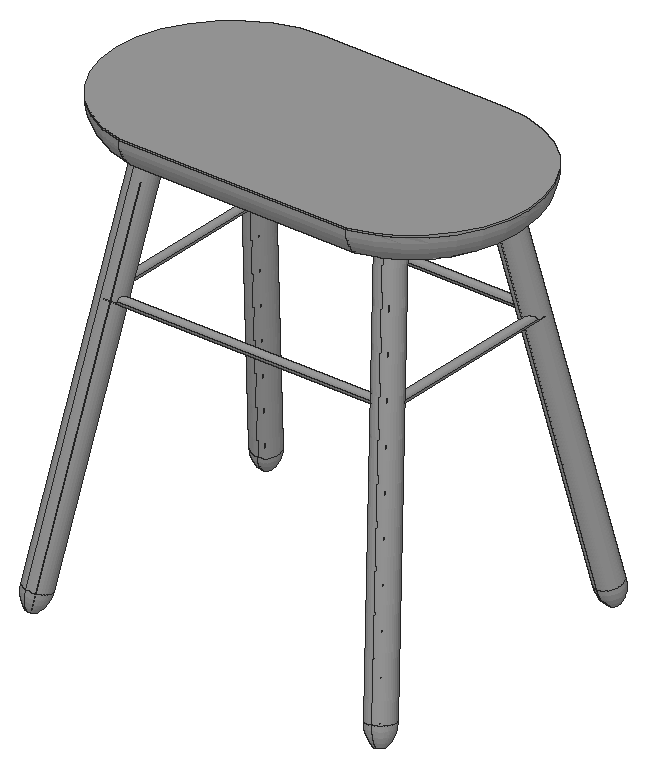
Revit family "Sit Stool", category Generic Models, Revit 2021
Family settings
  Can host rebar = No
  Round Connector Dimension = Use Diameter
  Part Type = Normal
  Work Plane-Based = No
  Always vertical = Yes
  Cut with Voids When Loaded = No
  Shared = No
  Room Calculation Point = No
Parameters
  Default Elevation = 0 mm
Reference planes
  plane 1 "Center (Front/Back)": y = 0
  plane 2: z = 0
  plane 3 "Center (Left/Right)": x = 0
Forms (mm)
  Extrusion 1, solid, material "VICTORIAN ASH"
    sketch origin (0, 0, 0) x (1, 0, 0) y (0, 1, 0)
      loop
        line (97.5, 122.5) -> (-97.5, 122.5)
        arc (-97.5, 122.5) -> (-220.623, 11.187) -> (-122.249, -122.5) r 123.75
        line (-122.249, -122.5) -> (122.249, -122.5)
        arc (122.249, -122.5) -> (220.623, 11.187) -> (97.5, 122.5) r 123.75
    from 425.904 to 460
  Extrusion 2, solid, material "GREY POWER COAT FRAME"
    sketch origin (0, 0, 0) x (1, 0, 0) y (0, 1, 0)
      loop
        line (97.179, 59.905) -> (-97.179, 59.905)
        arc (-97.179, 59.905) -> (-157.552, 6.619) -> (-112.179, -59.905) r 60.844
        line (-112.179, -59.905) -> (112.179, -59.905)
        arc (112.179, -59.905) -> (157.552, 6.619) -> (97.179, 59.905) r 60.844
      loop
        arc (-101.474, 92.552) -> (-194.515, 8.596) -> (-120.526, -92.552) r 93.533
        line (-120.526, -92.552) -> (120.526, -92.552)
        arc (120.526, -92.552) -> (194.515, 8.596) -> (101.474, 92.552) r 93.533
        line (101.474, 92.552) -> (-101.474, 92.552)
    from 421.695 to 425.904
  Revolve 3, solid, material "STEEL FRAME", not visible
    sketch origin (206.891, -6.261, 8.945) x (0.034899, 0.999391, 0) y (-0.121795, 0.004253, 0.992546)
      loop
        line (70, 617.876) -> (228.614, 1.068) -> (235.143, 2.747)
        arc (235.143, 2.747) -> (238.079, 14.243) -> (237.184, 26.074) r 36.616
        line (237.184, 26.074) -> (85, 617.876) -> (70, 617.876)
      axis (70, 617.876) -> (228.614, 1.068)
    angle from 0 to 360
  Extrusion 4, solid, material "GREY POWER COAT FRAME"
    sketch origin (-7.5, 0, -128.75) x (1, 0, 0) y (0, 0, 1)
      loop
        circle (-146.568, 419.937) r 4.5
    from -101.121 to 98.802
  Extrusion 5, solid, material "GREY POWER COAT FRAME"
    sketch origin (0, -15, -125) x (0, 1, 0) y (0, 0, 1)
      loop
        circle (117.5, 416.187) r 4.5
    from -152.592 to 149.206
  Sweep 6, void
    path in 3D
      loop
        arc (122.249, -122.5, 460) -> (220.623, 11.187, 460) -> (97.5, 122.5, 460) r 123.75
        line (97.5, 122.5, 460) -> (-97.5, 122.5, 460)
        arc (-97.5, 122.5, 460) -> (-220.623, 11.187, 460) -> (-122.249, -122.5, 460) r 123.75
        line (-122.249, -122.5, 460) -> (122.249, -122.5, 460)
    profile origin (0, -122.5, 460) x (0, 1, 0) y (0, 0, 1)
      loop
        line (0, -2.124) -> (0, -37.124) -> (30.236, -37.124)
        arc (30.236, -37.124) -> (8.606, -25.25) -> (0, -2.124) r 35.375
  Extrusion 7, void
    sketch origin (-37.633, 3.166, 425.904) x (1, 0, 0) y (0, 1, 0)
      loop
        line (14.627, 7.139) -> (14.627, -8.861)
        arc (14.627, -8.861) -> (11.839, -11.649) -> (9.051, -8.861) r 2.788
        line (9.051, -8.861) -> (5.454, -11.251)
        arc (5.454, -11.251) -> (12.3, -16.036) -> (19.145, -11.251) r 7.289
        arc (19.145, -11.251) -> (19.417, -9.763) -> (19.508, -8.253) r 12.577
        line (19.508, -8.253) -> (19.508, 7.139) -> (14.627, 7.139)
      loop
        line (27.012, -1.026) -> (27.012, -1.888)
        arc (27.012, -1.888) -> (31.776, -6.653) -> (36.541, -1.888) r 4.765
        line (36.541, -1.888) -> (36.541, -1.026)
        arc (36.541, -1.026) -> (31.776, 3.739) -> (27.012, -1.026) r 4.765
      loop
        line (40.431, 7.139) -> (36.189, 7.139) -> (36.189, 5.283)
        arc (36.189, 5.283) -> (29.54, 7.481) -> (23.896, 3.336) r 7.636
        arc (23.896, 3.336) -> (22.768, -0.867) -> (23.357, -5.178) r 11.012
        arc (23.357, -5.178) -> (28.907, -10.249) -> (36.189, -8.377) r 7.899
        line (36.189, -8.377) -> (36.189, -10.168) -> (40.431, -10.168) -> (40.431, 7.139)
      loop
        line (44.272, 7.139) -> (44.272, -10.168) -> (48.502, -10.168) -> (48.502, -1.416)
        spline (48.502, -1.416) -> (48.731, 0.447) -> (49.195, 1.564) -> (49.836, 2.541) -> (50.545, 3.191) -> (51.323, 3.495) -> (52.13, 3.633) -> (53.01, 3.571) -> (53.917, 3.148) -> (54.597, 2.441) -> (55.017, 1.527) -> (55.276, 0.402) -> (55.406, -1.416)
        line (55.406, -1.416) -> (55.406, -10.168) -> (59.636, -10.168) -> (59.636, -1.416)
        spline (59.636, -1.416) -> (59.983, 0.709) -> (60.372, 1.763) -> (60.885, 2.494) -> (61.646, 3.078) -> (62.613, 3.478) -> (63.607, 3.615) -> (64.512, 3.515) -> (65.347, 3.055) -> (65.932, 2.345) -> (66.232, 1.517) -> (66.462, 0.303) -> (66.564, -1.416)
        line (66.564, -1.416) -> (66.564, -10.168) -> (70.794, -10.168) -> (70.794, 0.529)
        arc (70.794, 0.529) -> (70.587, 2.711) -> (69.974, 4.816) r 11.613
        arc (69.974, 4.816) -> (64.454, 7.547) -> (59.111, 4.485) r 6.544
        arc (59.111, 4.485) -> (53.96, 7.538) -> (48.502, 5.074) r 6.489
        line (48.502, 5.074) -> (48.502, 7.139) -> (44.272, 7.139)
      loop
        circle (17.049, 11.048) r 2.8
    from 0 to 8.79
  Extrusion 8, solid, material "BLACK POWER COAT FRAME"
    sketch origin (0, 0, 0) x (1, 0, 0) y (0, 1, 0)
      loop
        line (-23.006, 10.305) -> (-23.006, -5.695)
        arc (-23.006, -5.695) -> (-25.794, -8.483) -> (-28.582, -5.695) r 2.788
        line (-28.582, -5.695) -> (-32.179, -8.086)
        arc (-32.179, -8.086) -> (-25.333, -12.87) -> (-18.488, -8.086) r 7.289
        arc (-18.488, -8.086) -> (-18.216, -6.597) -> (-18.125, -5.087) r 12.577
        line (-18.125, -5.087) -> (-18.125, 10.305) -> (-23.006, 10.305)
      loop
        line (-10.621, 2.14) -> (-10.621, 1.277)
        arc (-10.621, 1.277) -> (-5.856, -3.487) -> (-1.092, 1.277) r 4.765
        line (-1.092, 1.277) -> (-1.092, 2.14)
        arc (-1.092, 2.14) -> (-5.856, 6.905) -> (-10.621, 2.14) r 4.765
      loop
        line (2.798, 10.305) -> (-1.444, 10.305) -> (-1.444, 8.449)
        arc (-1.444, 8.449) -> (-8.093, 10.647) -> (-13.737, 6.502) r 7.636
        arc (-13.737, 6.502) -> (-14.864, 2.299) -> (-14.276, -2.012) r 11.012
        arc (-14.276, -2.012) -> (-8.726, -7.083) -> (-1.444, -5.211) r 7.899
        line (-1.444, -5.211) -> (-1.444, -7.002) -> (2.798, -7.002) -> (2.798, 10.305)
      loop
        line (6.639, 10.305) -> (6.639, -7.002) -> (10.869, -7.002) -> (10.869, 1.75)
        spline (10.869, 1.75) -> (11.098, 3.612) -> (11.563, 4.73) -> (12.203, 5.707) -> (12.912, 6.357) -> (13.69, 6.661) -> (14.497, 6.799) -> (15.377, 6.737) -> (16.285, 6.314) -> (16.964, 5.606) -> (17.384, 4.693) -> (17.643, 3.568) -> (17.773, 1.75)
        line (17.773, 1.75) -> (17.773, -7.002) -> (22.003, -7.002) -> (22.003, 1.75)
        spline (22.003, 1.75) -> (22.35, 3.874) -> (22.74, 4.929) -> (23.252, 5.66) -> (24.014, 6.244) -> (24.981, 6.644) -> (25.974, 6.781) -> (26.879, 6.681) -> (27.714, 6.221) -> (28.299, 5.511) -> (28.599, 4.683) -> (28.83, 3.468) -> (28.931, 1.75)
        line (28.931, 1.75) -> (28.931, -7.002) -> (33.161, -7.002) -> (33.161, 3.694)
        arc (33.161, 3.694) -> (32.954, 5.877) -> (32.341, 7.982) r 11.613
        arc (32.341, 7.982) -> (26.821, 10.713) -> (21.478, 7.651) r 6.544
        arc (21.478, 7.651) -> (16.327, 10.704) -> (10.869, 8.24) r 6.489
        line (10.869, 8.24) -> (10.869, 10.305) -> (6.639, 10.305)
      loop
        circle (-20.584, 14.214) r 2.8
    from 432.515 to 428.376
  Revolve 9, solid, material "GREY POWER COAT FRAME"
    sketch origin (-153.973, 70.909, 9.259) x (-0.139152, -0.990268, -0.002429) y (0.103343, -0.016961, 0.994501)
      loop
        line (135.326, 424.473) -> (231.445, -9.941) -> (237.066, -8.495)
        arc (237.066, -8.495) -> (240.866, 2.664) -> (240.178, 14.432) r 30.683
        line (240.178, 14.432) -> (149.452, 424.473) -> (135.326, 424.473)
      axis (134.986, 424.398) -> (231.105, -10.016)
    angle from 0 to 360
  Revolve 10, solid, material "GREY POWER COAT FRAME"
    sketch origin (153.973, 70.909, 9.259) x (0.139152, -0.990268, -0.002429) y (0.103343, 0.016961, -0.994501)
      loop
        line (135.326, -424.473) -> (149.452, -424.473) -> (240.178, -14.432)
        arc (240.178, -14.432) -> (240.866, -2.664) -> (237.066, 8.495) r 30.683
        line (237.066, 8.495) -> (231.445, 9.941) -> (135.326, -424.473)
      axis (134.986, -424.398) -> (231.105, 10.016)
    angle from 0 to 360
  Revolve 11, solid, material "GREY POWER COAT FRAME"
    sketch origin (-153.973, -70.909, 9.259) x (-0.139152, 0.990268, -0.002429) y (-0.103343, -0.016961, -0.994501)
      loop
        line (135.326, -424.473) -> (149.452, -424.473) -> (240.178, -14.432)
        arc (240.178, -14.432) -> (240.866, -2.664) -> (237.066, 8.495) r 30.683
        line (237.066, 8.495) -> (231.445, 9.941) -> (135.326, -424.473)
      axis (134.986, -424.398) -> (231.105, 10.016)
    angle from 0 to 360
  Revolve 12, solid, material "GREY POWER COAT FRAME"
    sketch origin (153.973, -70.909, 9.259) x (0.139152, 0.990268, -0.002429) y (-0.103343, 0.016961, 0.994501)
      loop
        line (135.326, 424.473) -> (231.445, -9.941) -> (237.066, -8.495)
        arc (237.066, -8.495) -> (240.866, 2.664) -> (240.178, 14.432) r 30.683
        line (240.178, 14.432) -> (149.452, 424.473) -> (135.326, 424.473)
      axis (134.986, 424.398) -> (231.105, -10.016)
    angle from 0 to 360
  Extrusion 13, solid, material "GREY POWER COAT FRAME"
    sketch origin (0, 15, -125) x (0, -1, 0) y (0, 0, -1)
      loop
        circle (117.5, -416.187) r 4.5
    from -152.592 to 149.206
  Extrusion 14, solid, material "GREY POWER COAT FRAME"
    sketch origin (7.5, 0, -128.75) x (-1, 0, 0) y (0, 0, -1)
      loop
        circle (-146.568, -419.937) r 4.5
    from -101.121 to 98.802
Cuts and joins
  Sweep 6, Extrusion 7 cuts Extrusion 1
Lines and regions (mm)
  sketch lines
    curve 1: line (-122.249, -122.5, 460) -> (122.249, -122.5, 460)
    curve 2: arc (97.5, 122.5, 460) -> (220.623, 11.187, 460) -> (122.249, -122.5, 460) r 123.75
    curve 3: line (97.5, 122.5, 460) -> (-97.5, 122.5, 460)
    curve 4: arc (-122.249, -122.5, 460) -> (-220.623, 11.187, 460) -> (-97.5, 122.5, 460) r 123.75
Dimensions and locks
  aligned and locked: level to plane 2
